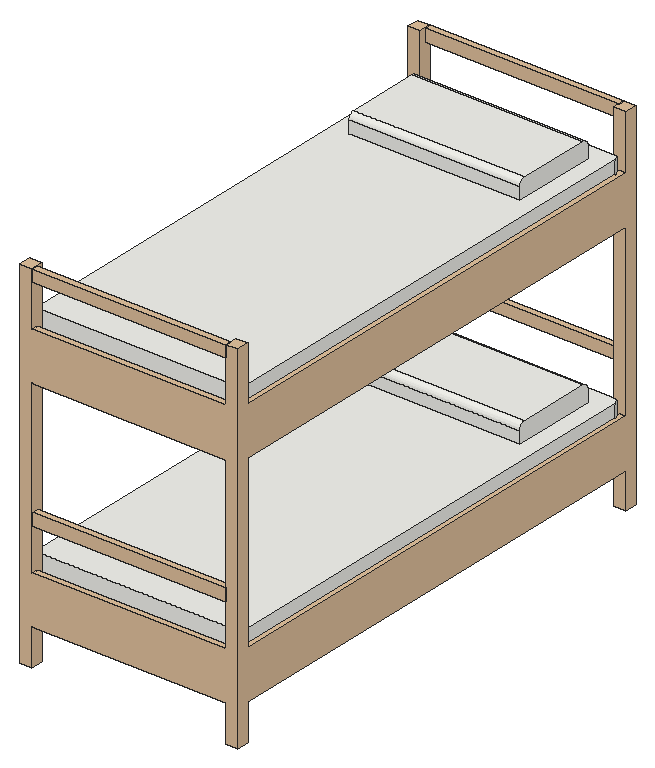
Revit family "M_Cama-Beliche", category Mobiliário, Revit 2019
Family settings
  Número OmniClass = 23.40.20.17.14.11
  Título OmniClass = Beds
  ID de item do Seek = Bed-Bunk-0000-CAN-ENU
  Com base no plano de trabalho = Não
  Sempre na vertical = Sim
  Corte com vazios quando carregada = Não
  Compartilhado = Não
  Ponto de cálculo do ambiente = Não
Parameters (values of type "2083 x 0915 x 1500mm")
  Material da moldura = Bétula
  Altura = 1500.00 mm
  Comprimento = 2083.00 mm
  Material do colchão = Linho, branco
  Largura = 915.00 mm
Reference planes
  plane 1 "Centro (Frente/Trás)": y = -390.993
  plane 2: z = 0
  plane 3 "Centro (Esquerda/Direita)": x = 408.482
  plane 4: y = 650.507
  plane 5: y = -1432.493
  plane 6: x = 865.982
  plane 7: x = -49.018
  plane 8: z = 355.6
  plane 9: z = 1500
  plane 10: y = 523.407
  plane 11: y = 173.407
Forms (mm)
  Extrusion 1, solid, material "Bétula"
    sketch origin (0, 0, 0) x (1, 0, 0) y (0, 1, 0)
      loop
        line (-49.018, 650.507) -> (-49.018, 599.707) -> (1.782, 599.707) -> (1.782, 650.507) -> (-49.018, 650.507)
      loop
        line (865.982, 650.507) -> (815.182, 650.507) -> (815.182, 599.707) -> (865.982, 599.707) -> (865.982, 650.507)
      loop
        line (-49.018, -1432.493) -> (1.782, -1432.493) -> (1.782, -1381.693) -> (-49.018, -1381.693) -> (-49.018, -1432.493)
      loop
        line (865.982, -1432.493) -> (865.982, -1381.693) -> (815.182, -1381.693) -> (815.182, -1432.493) -> (865.982, -1432.493)
    from 0 to 1500
  Extrusion 2, solid, material "Bétula"
    sketch origin (0, 0, 0) x (1, 0, 0) y (0, 1, 0)
      loop
        line (-49.018, 650.507) -> (-49.018, -1432.493) -> (865.982, -1432.493) -> (865.982, 650.507) -> (-49.018, 650.507)
      loop
        line (-23.618, 625.107) -> (-23.618, -1407.093) -> (840.582, -1407.093) -> (840.582, 625.107) -> (-23.618, 625.107)
    from 152.4 to 355.6
  Extrusion 3, solid, material "Bétula"
    sketch origin (0, 0, 0) x (1, 0, 0) y (0, 1, 0)
      loop
        line (-49.018, 650.507) -> (-49.018, -1432.493) -> (865.982, -1432.493) -> (865.982, 650.507) -> (-49.018, 650.507)
      loop
        line (-23.618, -1407.093) -> (840.582, -1407.093) -> (840.582, 625.107) -> (-23.618, 625.107) -> (-23.618, -1407.093)
    from 1068.2 to 1271.4
  Extrusion 4, solid, material "Linho, branco" <- "Material do colchão"
    sketch origin (0, 0, 0) x (1, 0, 0) y (0, 1, 0)
      loop
        arc (1.782, 599.707) -> (-16.179, 592.267) -> (-23.618, 574.307) r 25.4
        line (-23.618, 574.307) -> (-23.618, -1356.293)
        arc (-23.618, -1356.293) -> (-16.179, -1374.254) -> (1.782, -1381.693) r 25.4
        line (1.782, -1381.693) -> (815.182, -1381.693)
        arc (815.182, -1381.693) -> (833.142, -1374.254) -> (840.582, -1356.293) r 25.4
        line (840.582, -1356.293) -> (840.582, 574.307)
        arc (840.582, 574.307) -> (833.142, 592.267) -> (815.182, 599.707) r 25.4
        line (815.182, 599.707) -> (1.782, 599.707)
    from 203.2 to 406.4
  Extrusion 5, solid, material "Linho, branco" <- "Material do colchão"
    sketch origin (0, 0, 1271.4) x (1, 0, 0) y (0, 1, 0)
      loop
        arc (1.782, 599.707) -> (-16.179, 592.267) -> (-23.618, 574.307) r 25.4
        line (-23.618, 574.307) -> (-23.618, -1356.293)
        arc (-23.618, -1356.293) -> (-16.179, -1374.254) -> (1.782, -1381.693) r 25.4
        line (1.782, -1381.693) -> (815.182, -1381.693)
        arc (815.182, -1381.693) -> (833.142, -1374.254) -> (840.582, -1356.293) r 25.4
        line (840.582, -1356.293) -> (840.582, 574.307)
        arc (840.582, 574.307) -> (833.142, 592.267) -> (815.182, 599.707) r 25.4
        line (815.182, 599.707) -> (1.782, 599.707)
    from -152.4 to 50.8
  Extrusion 6, solid, material "Bétula"
    sketch origin (0, 0, 1500) x (1, 0, 0) y (0, 1, 0)
      loop
        line (1.782, 650.507) -> (1.782, 625.107) -> (815.182, 625.107) -> (815.182, 650.507) -> (1.782, 650.507)
      loop
        line (1.782, -1432.493) -> (815.182, -1432.493) -> (815.182, -1407.093) -> (1.782, -1407.093) -> (1.782, -1432.493)
    from -50.8 to 0
  Extrusion 7, solid, material "Bétula"
    sketch origin (0, 0, 355.6) x (0, -1, 0) y (1, 0, 0)
      loop
        line (1432.493, 1.782) -> (1432.493, 815.182) -> (1407.093, 815.182) -> (1407.093, 1.782) -> (1432.493, 1.782)
      loop
        line (-650.507, 1.782) -> (-625.107, 1.782) -> (-625.107, 815.182) -> (-650.507, 815.182) -> (-650.507, 1.782)
    from 177.8 to 228.6
  Sweep 8, solid, material "Linho, branco" <- "Material do colchão"
    path origin (0, 0, 0) x (1, 0, 0) y (0, 1, 0)
      loop
        line (50.982, 523.507) -> (765.982, 523.507)
    profile origin (408.482, 0, 0) x (0, 1, 0) y (0, 0, 1)
      loop
        line (167.907, 406.4) -> (523.507, 406.4) -> (523.507, 457.2)
        arc (523.507, 457.2) -> (516.067, 475.161) -> (498.107, 482.6) r 25.4
        line (498.107, 482.6) -> (193.307, 482.6)
        arc (193.307, 482.6) -> (175.346, 475.161) -> (167.907, 457.2) r 25.4
        line (167.907, 457.2) -> (167.907, 406.4)
      loop
        line (167.907, 1322.2) -> (523.507, 1322.2) -> (523.507, 1371.6)
        arc (523.507, 1371.6) -> (516.067, 1389.561) -> (498.107, 1397) r 25.4
        line (498.107, 1397) -> (193.307, 1397)
        arc (193.307, 1397) -> (175.346, 1389.561) -> (167.907, 1371.6) r 25.4
        line (167.907, 1371.6) -> (167.907, 1322.2)
Cuts and joins
  joined: Extrusion 1, Extrusion 2, Extrusion 3
Lines and regions (mm)
  Masking region 1
    outline origin (0, 0, 0) x (1, 0, 0) y (0, 1, 0)
      loop
        line (-49.018, 650.507) -> (-49.018, -1432.493) -> (865.982, -1432.493) -> (865.982, 650.507) -> (-49.018, 650.507)
  symbolic lines
    curve 1: line (-49.018, 650.507, 0) -> (865.982, 650.507, 0)
    curve 2: line (-49.018, 650.507, 0) -> (-49.018, -1432.493, 0)
    curve 3: line (-49.018, -1432.493, 0) -> (865.982, -1432.493, 0)
    curve 4: line (865.982, 650.507, 0) -> (865.982, -1432.493, 0)
    curve 5: line (-49.018, 650.507, 0) -> (1.782, 650.507, 0)
    curve 6: line (-49.018, 650.507, 0) -> (-49.018, 599.707, 0)
    curve 7: line (-49.018, 599.707, 0) -> (1.782, 599.707, 0)
    curve 8: line (1.782, 650.507, 0) -> (1.782, 599.707, 0)
    curve 9: line (815.182, 599.707, 0) -> (865.982, 599.707, 0)
    curve 10: line (815.182, 599.707, 0) -> (815.182, 650.507, 0)
    curve 11: line (815.182, 650.507, 0) -> (865.982, 650.507, 0)
    curve 12: line (865.982, 599.707, 0) -> (865.982, 650.507, 0)
    curve 13: line (1.782, -1381.693, 0) -> (-49.018, -1381.693, 0)
    curve 14: line (1.782, -1381.693, 0) -> (1.782, -1432.493, 0)
    curve 15: line (1.782, -1432.493, 0) -> (-49.018, -1432.493, 0)
    curve 16: line (-49.018, -1381.693, 0) -> (-49.018, -1432.493, 0)
    curve 17: line (865.982, -1432.493, 0) -> (815.182, -1432.493, 0)
    curve 18: line (865.982, -1432.493, 0) -> (865.982, -1381.693, 0)
    curve 19: line (865.982, -1381.693, 0) -> (815.182, -1381.693, 0)
    curve 20: line (815.182, -1432.493, 0) -> (815.182, -1381.693, 0)
    curve 21: line (50.982, 523.507, 0) -> (765.982, 523.507, 0)
    curve 22: line (50.982, 523.507, 0) -> (50.982, 173.507, 0)
    curve 23: line (50.982, 173.507, 0) -> (765.982, 173.507, 0)
    curve 24: line (765.982, 523.507, 0) -> (765.982, 173.507, 0)
    curve 25: line (840.582, 167.907, 0) -> (-23.618, -63.494, 0)
    curve 26: line (-23.618, 599.707, 0) -> (840.582, 599.707, 0)
    curve 27: line (-23.618, 599.707, 0) -> (-23.618, -1381.693, 0)
    curve 28: line (-23.618, -1381.693, 0) -> (840.582, -1381.693, 0)
    curve 29: line (840.582, 599.707, 0) -> (840.582, -1381.693, 0)
Dimensions and locks
  equal spacing: plane 7, plane 3 "Centro (Esquerda/Direita)", plane 6
  equal spacing: plane 5, plane 1 "Centro (Frente/Trás)", plane 4
  "Largura": plane 7 to plane 6
  "Comprimento": plane 5 to plane 4
  "Altura": plane 2 to plane 9
  locked: Extrusion 5 to plane 9 at 177.8
  locked: Extrusion 3 to plane 9 at 228.6
  locked: Extrusion 3 to Extrusion 3 at 203.2
  locked: Extrusion 5 sketch curve to Extrusion 5 sketch curve at 25.4  (x2)
  locked: Extrusion 3 to curve 22 at 100
  locked: curve 24 to Extrusion 3 at 100
  locked: curve 23 to curve 21 at 350
  aligned and locked: Extrusion 1 to plane 9
  aligned and locked: Sweep 8 sketch curve to curve 22
  aligned and locked: Sweep 8 sketch curve to curve 24
  aligned and locked: Sweep 8 sketch curve to curve 21
  aligned and locked: Masking region 1 sketch curve to plane 7
  aligned and locked: Masking region 1 sketch curve to plane 5
  aligned and locked: plane 6 to Masking region 1 sketch curve
  aligned and locked: plane 4 to Masking region 1 sketch curve
  aligned and locked: Sweep 8 sketch curve to Extrusion 5
Automatic sketch dimensions
  Extrusion 1 sketch curve to plane 5 = 0.00 mm  (x2)
  Extrusion 1 sketch curve to plane 7 = 0.00 mm  (x2)
  Extrusion 1 sketch curve to plane 4 = 0.00 mm  (x2)
  Extrusion 1 sketch curve to plane 6 = 0.00 mm  (x2)
  Extrusion 1 sketch curve to plane 7 = 50.80 mm
  Extrusion 1 sketch curve to Extrusion 1 sketch curve = 50.80 mm  (x7)
  Extrusion 2 sketch curve to plane 4 = 0.00 mm
  Extrusion 2 sketch curve to plane 7 = 0.00 mm
  Extrusion 2 sketch curve to plane 5 = 0.00 mm
  Extrusion 2 sketch curve to plane 6 = 0.00 mm
  Extrusion 2 sketch curve to Extrusion 2 sketch curve = 25.40 mm  (x2)
  Extrusion 2 sketch curve to plane 5 = 25.40 mm
  plane 4 to Extrusion 2 sketch curve = 25.40 mm
  Extrusion 3 sketch curve to plane 4 = 0.00 mm
  Extrusion 3 sketch curve to plane 7 = 0.00 mm
  Extrusion 3 sketch curve to plane 5 = 0.00 mm
  Extrusion 3 sketch curve to plane 6 = 0.00 mm
  Extrusion 3 sketch curve to Extrusion 3 sketch curve = 25.40 mm  (x2)
  Extrusion 3 sketch curve to plane 5 = 25.40 mm
  plane 4 to Extrusion 3 sketch curve = 25.40 mm
  Extrusion 4 sketch curve to plane 7 = 25.40 mm
  Extrusion 4 sketch curve to Extrusion 4 sketch curve = 25.40 mm  (x3)
  plane 6 to Extrusion 4 sketch curve = 50.80 mm  (x2)
  Extrusion 4 sketch curve to plane 5 = 50.80 mm
  plane 4 to Extrusion 4 sketch curve = 76.20 mm
  Extrusion 5 sketch curve to plane 7 = 25.40 mm
  Extrusion 5 sketch curve to Extrusion 5 sketch curve = 25.40 mm  (x2)
  Extrusion 5 sketch curve to plane 5 = 50.80 mm
  plane 6 to Extrusion 5 sketch curve = 50.80 mm
  plane 6 to Extrusion 5 sketch curve = 25.40 mm
  plane 4 to Extrusion 5 sketch curve = 76.20 mm
  Extrusion 6 sketch curve to plane 5 = 0.00 mm
  Extrusion 6 sketch curve to plane 4 = 0.00 mm
  Extrusion 6 sketch curve to plane 7 = 50.80 mm  (x2)
  plane 6 to Extrusion 6 sketch curve = 50.80 mm  (x2)
  plane 4 to Extrusion 6 sketch curve = 25.40 mm
  Extrusion 6 sketch curve to Extrusion 6 sketch curve = 25.40 mm
  Extrusion 7 sketch curve to plane 4 = 0.00 mm
  Extrusion 7 sketch curve to plane 5 = 0.00 mm
  plane 4 to Extrusion 7 sketch curve = 25.40 mm
  Extrusion 7 sketch curve to Extrusion 7 sketch curve = 25.40 mm
  Extrusion 7 sketch curve to plane 7 = 50.80 mm  (x2)
  plane 6 to Extrusion 7 sketch curve = 50.80 mm  (x2)
  curve 15 to plane 5 = 0.00 mm
  curve 15 to plane 7 = 0.00 mm
  curve 5 to plane 4 = 0.00 mm
  curve 1 to plane 6 = 0.00 mm
  curve 26 to plane 7 = 25.40 mm
  curve 5 to plane 7 = 50.80 mm
  curve 27 to curve 13 = 25.40 mm
  plane 6 to curve 17 = 50.80 mm
  curve 9 to curve 9 = 50.80 mm
  plane 6 to curve 25 = 25.40 mm
  curve 29 to plane 5 = 50.80 mm
  curve 13 to curve 27 = 0.00 mm
  plane 4 to curve 25 = 482.60 mm
  curve 25 to curve 23 = 237.001 mm
  plane 4 to curve 24 = 127.00 mm
  plane 4 to curve 12 = 50.80 mm
  curve 8 to curve 5 = 50.80 mm
  curve 29 to curve 9 = 0.00 mm
  curve 18 to curve 28 = 0.00 mm
  Sweep 8 sketch curve to profile plane = 0.00 mm  (x2)
  profile plane to Sweep 8 sketch curve = 25.40 mm  (x2)
  Sweep 8 sketch curve to Sweep 8 sketch curve = 304.80 mm  (x2)
  Sweep 8 sketch curve to Sweep 8 sketch curve = 25.40 mm  (x2)
  level to Sweep 8 sketch curve = 406.40 mm
  Sweep 8 sketch curve to Sweep 8 sketch curve = 50.80 mm
  Sweep 8 sketch curve to Sweep 8 sketch curve = 49.40 mm
